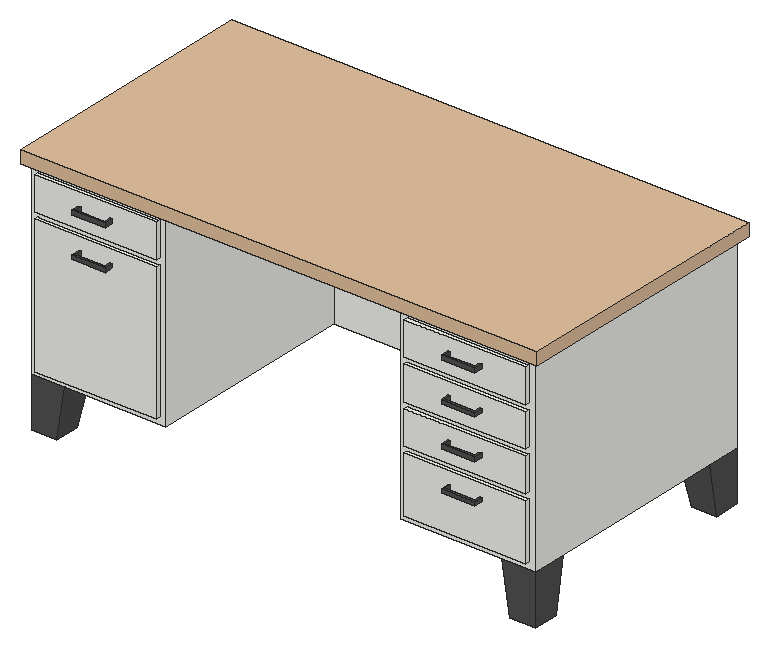
Revit family "85753700ddaf4061b02ed95214436388", category Furniture, Revit 2021
Family settings
  OmniClass Number = 23.40.20.24.31
  OmniClass Title = Desk
  Seek Item ID = Desk-0000-USA-ENU
  Work Plane-Based = No
  Always vertical = Yes
  Cut with Voids When Loaded = No
  Shared = Yes
  Room Calculation Point = No
Parameters (values of type "60" x 30"")
  Default Elevation = 0' - 0"
  Assembly Code = "E2020200"
  Depth = 2' - 6"
  Body Material = Laminate, Ivory, Matte
  Handle/Leg Material = Steel, Chrome Plated
  Top Material = Cherry
  Height = 2' - 6"
  Leg Height = 0' - 6"
  Width = 5' - 0"
Types (3): name | Depth | Width
  60" x 30" | 2' - 6" | 5' - 0"
  72" x 36" | 3' - 0" | 6' - 0"
  60" x 30" Student | 2' - 6" | 5' - 0"
Reference planes (in)
  plane 1: z = 0
  plane 2: z = 28.5
  plane 3: z = 6
  plane 4: z = 30
  plane 5 "Center (Left/Right)": x = 30
  plane 6 "Center (Front/Back)": y = 15
  plane 7 "Drawer Edge": y = -0.5
  plane 8: x = 8
  plane 9: x = 52
  plane 10: z = 12
  plane 11: z = 16.75
  plane 12: z = 21.5
  plane 13: z = 26.25
  plane 14: z = 21.5
  plane 15: z = 26.25
  plane 16 "Top": y = 30
  plane 17 "Right": x = 60
  plane 18 "Left": x = 0
  plane 19 "Bottom": y = 0
Forms (in)
  Extrusion 1, solid, material "Laminate, Ivory, Matte" <- "Body Material"
    sketch origin (60, 30, 0) x (-1, 0, 0) y (0, -1, 0)
      loop
        line (0, 30) -> (0, 0) -> (60, 0) -> (60, 30) -> (44, 30) -> (44, 5) -> (16, 5) -> (16, 30) -> (0, 30)
    from 6 to 28.5
  Extrusion 2, solid, material "Cherry" <- "Top Material"
    sketch origin (60, 30, 0) x (-1, 0, 0) y (0, -1, 0)
      loop
        line (-0.75, 30.75) -> (-0.75, -0.75) -> (60.75, -0.75) -> (60.75, 30.75) -> (-0.75, 30.75)
    from 28.5 to 30
  Blend 3, solid, material "Steel, Chrome Plated" <- "Handle/Leg Material"
    base sketch origin (60, 30, 0) x (-1, 0, 0) y (0, -1, 0)
      loop
        line (0, 30) -> (0, 27) -> (3, 27) -> (3, 30) -> (0, 30)
    top sketch origin (60, 30, 0) x (-1, 0, 0) y (0, -1, 0)
      loop
        line (0, 30) -> (0, 26) -> (4, 26) -> (4, 30) -> (0, 30)
    from 0 to 6
  Blend 4, solid, material "Steel, Chrome Plated" <- "Handle/Leg Material"
    base sketch origin (60, 33, 0) x (-1, 0, 0) y (0, -1, 0)
      loop
        line (0, 3) -> (3, 3) -> (3, 6) -> (0, 6) -> (0, 3)
    top sketch origin (60, 33, 0) x (-1, 0, 0) y (0, -1, 0)
      loop
        line (0, 3) -> (4, 3) -> (4, 7) -> (0, 7) -> (0, 3)
    from 0 to 6
  Blend 5, solid, material "Steel, Chrome Plated" <- "Handle/Leg Material"
    base sketch origin (60, 33, 0) x (-1, 0, 0) y (0, -1, 0)
      loop
        line (60, 3) -> (60, 6) -> (57, 6) -> (57, 3) -> (60, 3)
    top sketch origin (60, 33, 0) x (-1, 0, 0) y (0, -1, 0)
      loop
        line (60, 3) -> (60, 7) -> (56, 7) -> (56, 3) -> (60, 3)
    from 0 to 6
  Blend 6, solid, material "Steel, Chrome Plated" <- "Handle/Leg Material"
    base sketch origin (60, 30, 0) x (-1, 0, 0) y (0, -1, 0)
      loop
        line (60, 30) -> (57, 30) -> (57, 27) -> (60, 27) -> (60, 30)
    top sketch origin (60, 30, 0) x (-1, 0, 0) y (0, -1, 0)
      loop
        line (60, 30) -> (56, 30) -> (56, 26) -> (60, 26) -> (60, 30)
    from 0 to 6
  Extrusion 7, solid, material "Laminate, Ivory, Matte" <- "Body Material"
    sketch origin (0, 0, 0) x (-1, 0, 0) y (0, 0, 1)
      loop
        line (-59.25, 27.75) -> (-59.25, 23.75) -> (-44.75, 23.75) -> (-44.75, 27.75) -> (-59.25, 27.75)
      loop
        line (-59.25, 6.75) -> (-44.75, 6.75) -> (-44.75, 13.5) -> (-59.25, 13.5) -> (-59.25, 6.75)
      loop
        line (-44.75, 23) -> (-59.25, 23) -> (-59.25, 19) -> (-44.75, 19) -> (-44.75, 23)
      loop
        line (-44.75, 18.25) -> (-59.25, 18.25) -> (-59.25, 14.25) -> (-44.75, 14.25) -> (-44.75, 18.25)
    from -0.5 to 0
  Extrusion 8, solid, material "Laminate, Ivory, Matte" <- "Body Material"
    sketch origin (-12, -6, 0) x (1, 0, 0) y (0, 0, -1)
      loop
        line (12.75, -27.75) -> (27.25, -27.75) -> (27.25, -23.75) -> (12.75, -23.75) -> (12.75, -27.75)
      loop
        line (12.75, -6.75) -> (12.75, -23) -> (27.25, -23) -> (27.25, -6.75) -> (12.75, -6.75)
    from 5.5 to 6
  Sweep 9, solid, material "Steel, Chrome Plated" <- "Handle/Leg Material"
    path origin (60, 30, 0) x (-1, 0, 0) y (0, -1, 0)
      loop
        line (6, 30.5) -> (6, 31.5) -> (10, 31.5) -> (10, 30.5)
    profile origin (0, -1, 0) x (1, 0, 0) y (0, 0, 1)
      loop
        line (54, 12) -> (53.75, 12) -> (53.75, 11.5) -> (54, 11.5) -> (54, 12)
      loop
        line (54, 16.75) -> (53.75, 16.75) -> (53.75, 16.25) -> (54, 16.25) -> (54, 16.75)
      loop
        line (54, 21.5) -> (53.75, 21.5) -> (53.75, 21) -> (54, 21) -> (54, 21.5)
      loop
        line (54, 26.25) -> (53.75, 26.25) -> (53.75, 25.75) -> (54, 25.75) -> (54, 26.25)
  Sweep 10, solid, material "Steel, Chrome Plated" <- "Handle/Leg Material"
    path origin (60, 30, 0) x (-1, 0, 0) y (0, -1, 0)
      loop
        line (54, 30.5) -> (54, 31.5) -> (50, 31.5) -> (50, 30.5)
    profile origin (0, -1, 0) x (1, 0, 0) y (0, 0, 1)
      loop
        line (6, 21.5) -> (6, 21) -> (6.25, 21) -> (6.25, 21.5) -> (6, 21.5)
      loop
        line (6, 26.25) -> (6, 25.75) -> (6.25, 25.75) -> (6.25, 26.25) -> (6, 26.25)
Lines and regions (in)
  Masking region 1
    outline origin (60, 30, 0) x (-1, 0, 0) y (0, -1, 0)
      loop
        line (0, 30) -> (0, 0) -> (60, 0) -> (60, 30) -> (0, 30)
Dimensions and locks (in)
  "Height": plane 1 to plane 4
  plane 3 to plane 1 = 0' - 6"
  plane 2 to plane 4 = 0' - 1 1/2"
  locked: plane 2 to plane 4 at 1.5
  "Leg Height": plane 3 to plane 1
  Extrusion 1 to Extrusion 7 sketch curve = 0' - 0 3/4"
  plane 3 to Extrusion 7 sketch curve = 0' - 0 3/4"
  Extrusion 7 sketch curve to plane 2 = 0' - 0 3/4"
  plane 13 to Extrusion 7 = 0' - 1 1/2"
  plane 12 to Extrusion 7 = 0' - 1 1/2"
  plane 11 to Extrusion 7 = 0' - 1 1/2"
  plane 10 to Extrusion 7 = 0' - 1 1/2"
  plane 15 to Extrusion 8 = 0' - 1 1/2"
  plane 14 to Extrusion 8 = 0' - 1 1/2"
  locked: plane 9 to plane 17 "Right" at 8
  locked: plane 19 "Bottom" to plane 7 "Drawer Edge" at 0.5
  equal spacing: plane 18 "Left", plane 5 "Center (Left/Right)", plane 17 "Right"
  "Width": plane 18 "Left" to plane 17 "Right"
  equal spacing: plane 16 "Top", plane 6 "Center (Front/Back)", plane 19 "Bottom"
  "Depth": plane 16 "Top" to plane 19 "Bottom"
  locked: Extrusion 2 sketch curve to plane 18 "Left" at 0.75
  locked: Extrusion 2 sketch curve to plane 16 "Top" at 0.75
  locked: plane 17 "Right" to Extrusion 2 sketch curve at 0.75
  locked: plane 19 "Bottom" to Extrusion 2 sketch curve at 0.75
  locked: plane 18 "Left" to plane 8 at 8
  locked: plane 18 "Left" to Blend 5 sketch curve at 3
  locked: plane 16 "Top" to Blend 5 sketch curve at 3
  locked: plane 16 "Top" to Blend 4 sketch curve at 3
  locked: Blend 4 sketch curve to plane 17 "Right" at 3
  locked: plane 16 "Top" to Blend 5 sketch curve at 4
  locked: plane 18 "Left" to Blend 5 sketch curve at 4
  locked: Blend 4 sketch curve to plane 17 "Right" at 4
  locked: plane 16 "Top" to Blend 4 sketch curve at 4
  aligned and locked: Extrusion 1 to plane 2
  aligned and locked: plane 2 to Extrusion 2
  aligned and locked: Extrusion 2 to plane 4
  aligned and locked: plane 3 to Extrusion 1
  aligned and locked: Blend 4 to plane 3
  aligned and locked: Blend 5 to plane 3
  aligned and locked: Blend 3 to plane 3
  aligned and locked: Blend 6 to plane 3
  aligned and locked: Extrusion 7 to plane 7 "Drawer Edge"
  aligned and locked: Extrusion 8 to plane 7 "Drawer Edge"
  aligned and locked: Extrusion 1 sketch curve to plane 16 "Top"
  aligned and locked: plane 18 "Left" to Extrusion 1 sketch curve
  aligned and locked: Masking region 1 sketch curve to plane 16 "Top"
  aligned and locked: plane 18 "Left" to Masking region 1 sketch curve
  aligned and locked: plane 19 "Bottom" to Extrusion 8
  aligned and locked: Extrusion 1 to plane 19 "Bottom"
  aligned and locked: plane 19 "Bottom" to Extrusion 1 sketch curve
  aligned and locked: plane 19 "Bottom" to Extrusion 7
  aligned and locked: Blend 5 sketch curve to plane 18 "Left"
  aligned and locked: Blend 5 sketch curve to plane 16 "Top"
  aligned and locked: Blend 4 sketch curve to plane 17 "Right"
  aligned and locked: plane 16 "Top" to Blend 4 sketch curve
Automatic sketch dimensions
  Blend 3 sketch curve to Blend 3 sketch curve = 0' - 3"
  Blend 3 sketch curve to Blend 3 sketch curve = 0' - 4"
  Blend 4 sketch curve to Blend 4 sketch curve = 0' - 4"  (x2)
  Blend 6 sketch curve to Blend 6 sketch curve = 0' - 3"  (x2)
  Blend 6 sketch curve to Blend 6 sketch curve = 0' - 4"  (x2)
  plane 9 to Extrusion 7 sketch curve = 0' - 7 1/4"
  Extrusion 7 sketch curve to Extrusion 7 sketch curve = 0' - 0"  (x5)
  Extrusion 7 sketch curve to Extrusion 7 sketch curve = 0' - 6 3/4"
  Extrusion 7 sketch curve to Extrusion 7 sketch curve = 0' - 0 3/4"  (x3)
  Extrusion 7 sketch curve to Extrusion 7 sketch curve = 0' - 4"  (x2)
  plane 2 to Extrusion 8 sketch curve = 0' - 0 3/4"
  plane 8 to Extrusion 8 sketch curve = 0' - 7 1/4"
  Extrusion 8 sketch curve to Extrusion 8 sketch curve = 0' - 0"
  Extrusion 8 sketch curve to Extrusion 8 sketch curve = 0' - 4"
  Extrusion 8 sketch curve to Extrusion 8 sketch curve = 0' - 0 3/4"
  Extrusion 8 sketch curve to plane 3 = 0' - 0 3/4"
  Sweep 9 sketch curve to plane 7 "Drawer Edge" = 0' - 0"  (x2)
  plane 7 "Drawer Edge" to Sweep 9 sketch curve = 0' - 1"
  Sweep 9 sketch curve to plane 9 = 0' - 2"
  plane 9 to Sweep 9 sketch curve = 0' - 2"
  Sweep 9 sketch curve to plane 10 = 0' - 0"
  Sweep 9 sketch curve to plane 13 = 0' - 0"
  Sweep 9 sketch curve to plane 12 = 0' - 0"
  Sweep 9 sketch curve to plane 11 = 0' - 0"
  Sweep 9 sketch curve to profile plane = 0' - 0"  (x4)
  Sweep 9 sketch curve to Sweep 9 sketch curve = 0' - 0 1/4"  (x4)
  plane 10 to Sweep 9 sketch curve = 0' - 0 1/2"
  plane 11 to Sweep 9 sketch curve = 0' - 0 1/2"
  plane 12 to Sweep 9 sketch curve = 0' - 0 1/2"
  plane 13 to Sweep 9 sketch curve = 0' - 0 1/2"
  Sweep 10 sketch curve to plane 7 "Drawer Edge" = 0' - 0"  (x2)
  plane 7 "Drawer Edge" to Sweep 10 sketch curve = 0' - 1"
  plane 8 to Sweep 10 sketch curve = 0' - 2"
  Sweep 10 sketch curve to plane 8 = 0' - 2"
  Sweep 10 sketch curve to profile plane = 0' - 0"  (x2)
  Sweep 10 sketch curve to plane 15 = 0' - 0"
  Sweep 10 sketch curve to plane 14 = 0' - 0"
  Sweep 10 sketch curve to Sweep 10 sketch curve = 0' - 0 1/4"  (x2)
  plane 14 to Sweep 10 sketch curve = 0' - 0 1/2"
  plane 15 to Sweep 10 sketch curve = 0' - 0 1/2"
  Blend 3 sketch curve to plane 9 = 0' - 8"  (x2)
  Extrusion 7 sketch curve to plane 9 = 0' - 7 1/4"
  Blend 5 sketch curve to Blend 5 sketch curve = 0' - 4"  (x2)
  Blend 6 sketch curve to plane 8 = 0' - 5"
  Blend 6 sketch curve to plane 8 = 0' - 4"
  Extrusion 8 sketch curve to plane 8 = 0' - 7 1/4"  (x2)
  Blend 3 sketch curve to plane 7 "Drawer Edge" = 0' - 3 1/2"
  Blend 3 sketch curve to plane 7 "Drawer Edge" = 0' - 0 1/2"  (x2)
  Blend 3 sketch curve to plane 7 "Drawer Edge" = 0' - 4 1/2"
  Blend 6 sketch curve to plane 7 "Drawer Edge" = 0' - 3 1/2"
  Blend 6 sketch curve to plane 7 "Drawer Edge" = 0' - 4 1/2"
  Masking region 1 sketch curve to plane 17 "Right" = 0' - 0"
  Masking region 1 sketch curve to plane 19 "Bottom" = 0' - 0"
  Extrusion 1 sketch curve to plane 17 "Right" = 0' - 0"
  Extrusion 1 sketch curve to plane 19 "Bottom" = 0' - 0"
  plane 9 to Extrusion 1 sketch curve = 0' - 8"
  plane 8 to Extrusion 1 sketch curve = 0' - 8"
  Extrusion 1 sketch curve to plane 16 "Top" = 0' - 5"
